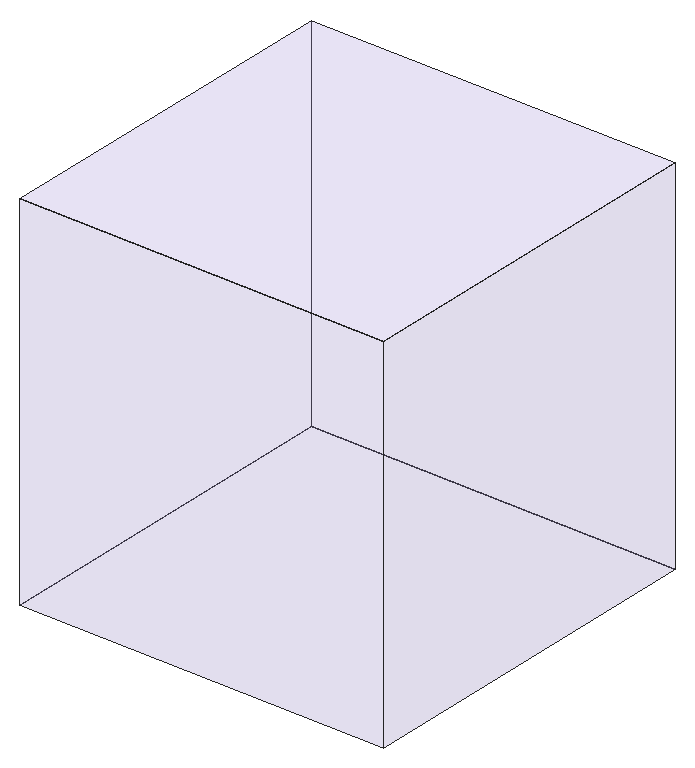
Revit family
Parameters
  Width [instance] = 9000 mm
  Mass Material [instance] = Default Mass
  Height [instance] = 9000 mm
  Depth [instance] = 9000 mm
  Default Elevation = 1219.2 mm
Reference planes
  plane 1 "Center (Front/Back)": y = 12.955
  plane 2: z = 0
  plane 3 "Center (Left/Right)": x = -30.261
  plane 4: y = 4512.955
  plane 5: x = 4469.739
  plane 6: x = -4530.261
  plane 7: y = -4487.045
  plane 8: z = 9000
Forms (mm)
  Extrusion 1, solid, material "Default Mass" <- "Mass Material"
    sketch origin (0, 0, 0) x (1, 0, 0) y (0, 1, 0)
      loop
        line (-4530.261, 4512.955) -> (-4530.261, -4487.045) -> (4469.739, -4487.045) -> (4469.739, 4512.955) -> (-4530.261, 4512.955)
    from 0 to 9000
Dimensions and locks
  equal spacing: Extrusion 1 sketch curve, plane 3 "Center (Left/Right)", Extrusion 1 sketch curve
  equal spacing: Extrusion 1 sketch curve, plane 1 "Center (Front/Back)", Extrusion 1 sketch curve
  equal spacing: plane 6, plane 3 "Center (Left/Right)", plane 5
  "Width": plane 6 to plane 5
  equal spacing: plane 4, plane 1 "Center (Front/Back)", plane 7
  "Depth": plane 4 to plane 7
  locked: plane 2 to level
  "Height": plane 8 to plane 2
  aligned and locked: Extrusion 1 sketch curve to plane 4
  aligned and locked: Extrusion 1 sketch curve to plane 6
  aligned and locked: Extrusion 1 to plane 8
  aligned and locked: Extrusion 1 to plane 2
